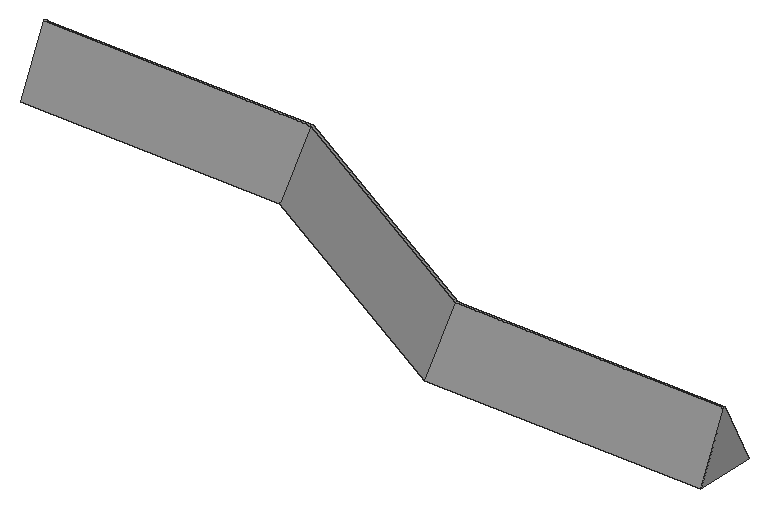
Revit family "Armeret_BetonZig-Zag_60mm_p_i_t_1131115", category Generic Models, Revit 2019
Family settings
  Can host rebar = No
  Round Connector Dimension = Use Diameter
  Part Type = Normal
  Work Plane-Based = Yes
  Always vertical = No
  Cut with Voids When Loaded = No
  Shared = No
  Room Calculation Point = No
Parameters (values of type "60 mm")
  concrete = Concrete
  Website Link = "https://haucon.dk/produkt/armeret-beton-zig-zag/#variations"
  Total Length = 800 mm
  Technical Data Sheet = "https://haucon.dk/wp-content/uploads/2016/04/1131090-Beton-zig-zag-TDS-DK.pdf"
  Default Elevation = 1219.2 mm
  Armerment width = 60 mm
  Armerment Height = Armerment width  # 60 mm
Types (13, lengths in mm): name | Armerment width | Armerment Height
  35 mm | 35 | 35
  55 mm | 55 | 55
  40 mm | 40 | 40
  45 mm | 45 | 45
  50 mm | 50 | 50
  60 mm | 60 | 60
  25 mm | 25 | 25
  30 mm | 30 | 30
  70 mm | 70 | 70
  75 mm | 75 | 75
  80 mm | 80 | 80
  90 mm | 90 | 90
  100 mm | 100 | 100
Reference planes
  plane 1 "Center (Front/Back)": y = 0
  plane 2: z = 0
  plane 3 "Center (Left/Right)": x = 0
  plane 4: y = 30
  plane 5: y = -30
  plane 6: z = 60
  plane 7: x = 266.667
  plane 8: x = 533.333
  plane 9: x = 800
Forms (mm)
  Sweep 1, solid, material "Concrete" <- "concrete"
    path origin (135, 0, 0) x (1, 0, 0) y (0, 1, 0)
      loop
        line (-135, 0) -> (132.554, 0) -> (397.446, -149.776) -> (665, -149.776)
    profile origin (133.777, 0, 0) x (0, 1, 0) y (0, 0, 1)
      loop
        line (30, 0) -> (0.856, 59.544)
        arc (0.856, 59.544) -> (0, 59.98) -> (-0.856, 59.544) r 1.059
        line (-0.856, 59.544) -> (-30, 0) -> (30, 0)
Dimensions and locks
  equal spacing: plane 4, plane 1 "Center (Front/Back)", plane 5
  "Armerment width": plane 4 to plane 5
  "Armerment Height": level to plane 6
  "Total Length": plane 3 "Center (Left/Right)" to plane 9
  equal spacing: plane 3 "Center (Left/Right)", plane 7, plane 8, plane 9
  aligned and locked: level to plane 2
  aligned and locked: level to Sweep 1 sketch curve
  aligned and locked: plane 3 "Center (Left/Right)" to Sweep 1
  aligned and locked: plane 9 to Sweep 1 sketch curve
Automatic sketch dimensions
  plane 1 "Center (Front/Back)" to Sweep 1 sketch curve = 0 mm
  Sweep 1 sketch curve to plane 3 "Center (Left/Right)" = 0 mm
  Sweep 1 sketch curve to plane 7 = 0.887 mm
  plane 8 to Sweep 1 sketch curve = 0.887 mm
  plane 1 "Center (Front/Back)" to Sweep 1 sketch curve = 149.776 mm
  Sweep 1 sketch curve to plane 5 = 0 mm
  Sweep 1 sketch curve to profile plane = 0 mm
  Sweep 1 sketch curve to plane 4 = 0 mm
  plane 6 to Sweep 1 sketch curve = 0.456 mm  (x2)
  profile plane to Sweep 1 sketch curve = 0.856 mm
  Sweep 1 sketch curve to Sweep 1 sketch curve = 0.623 mm
